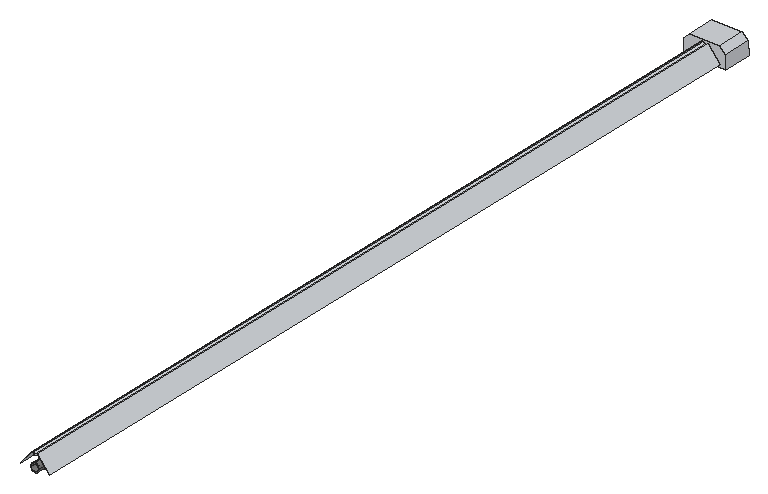
Revit family "V3 Box With 30' Tube Assembly 2", category Mechanical Equipment, Revit 2012
Parameters (values of type "Infra-Red")
  Weight = ""
  Voltage = 0 V
  URL = "www.DetroitRadiant.com"
  Top Clearance = 0' - 0"
  Stage = ""
  Side Clearances = 0' - 0"
  Recommended Mounting Height = ""
  Material = ""
  Manufacturer = "Detroit Radiant Products Company"
  Length = 0' - 0"
  Heat Gain (Low Fire) = 0.0 Btu/h
  Heat Gain (High Fire) = 0.0 Btu/h
  Gas Type = ""
  Frequency = 0 Hz
  Current = 0 A
  Below Clearance = 0' - 0"
  Back Clearance = 0' - 0"
  Apparent Power = 0 VA
Reference planes (in)
  plane 1 "Center (Front/Back)": y = 0
  plane 2: z = 0
  plane 3 "Center (Left/Right)": x = 0
Forms (in)
  Extrusion 1, solid
    sketch origin (0, 0, 0) x (1, 0, 0) y (0, 0, 1)
      loop
        line (-6.375, 8.625) -> (-9, 6) -> (-9, 0) -> (9.5, 0) -> (9.5, 6) -> (6.875, 8.625) -> (-6.375, 8.625)
    from 12 to 0
  Extrusion 2, solid
    sketch origin (0, -12, 0) x (1, 0, 0) y (0, 0, 1)
      loop
        line (-6.25, 1.1425) -> (-6, 1.1425) -> (-1.00787, 7.21737) -> (0.25, 6.625) -> (1.50787, 7.21737) -> (6.5, 1.1425) -> (6.75, 1.1425) -> (1.54, 7.4825) -> (0.25, 6.875) -> (-1.04, 7.4825) -> (-6.25, 1.1425)
    from 365 to 0
Lines and regions (in)
  model lines
    curve 1: line (-9, 0, 0) -> (9.5, 0, 0)
Dimensions and locks (in)
  aligned and locked: plane 2 to level
Nested families (in)
  nested 1: "20' Tube (Black)" at (13.81098, -248, 0) x (0, 1, 0) z (0, 0, 1), type "10' Burner"
  nested 2: "10' Tube" at (13.81098, -132, 0) x (0, 1, 0) z (0, 0, 1), type "10' Burner"
Definition of nested family "20' Tube (Black)"
  Parameters (values of type "10' Burner")
    h = 0.0 Btu/h
    Tube = none
    Reflector = none
    Heating = 50000 VA  # 170607.1 Btu/h
    Hanger = none
  Reference planes (in)
    plane 1 "Center (Front/Back)": y = 0
    plane 2: z = 0
    plane 3 "Center (Left/Right)": x = 0
  Forms (in)
    Extrusion 1, solid, material "Default 3"
      sketch origin (96, 292.12195, 0) x (0, -1, 0) y (0, 0, 1)
        loop
          circle (278.56098, 1.61442) r 2
        loop
          circle (278.56098, 1.61442) r 1.80078
      from 116 to 0
    Extrusion 2, solid, material "Default 3"
      sketch origin (-24, -265, 0) x (0, 1, 0) y (0, 0, 1)
        loop
          circle (278.56098, 1.61442) r 1.60156
        loop
          circle (278.56098, 1.61442) r 1.80078
      from 4 to 0
    Extrusion 3, solid, material "Default 3"
      sketch origin (-20, 292.12195, 0) x (0, -1, 0) y (0, 0, 1)
        loop
          circle (278.56098, 1.61442) r 2
        loop
          circle (278.56098, 1.61442) r 1.80078
      from 105 to 0
    Extrusion 4, solid, material "Default 3"
      sketch origin (-129, -265, 0) x (0, 1, 0) y (0, 0, 1)
        loop
          circle (278.56098, 1.61442) r 1.60156
        loop
          circle (278.56098, 1.61442) r 1.80078
      from 4 to 0
  Lines and regions (in)
    model lines
      curve 1: circle (0, 13.56098, 1.61442) r 1.80078 normal (1, 0, 0)
      curve 2: circle (0, 13.56098, 1.61442) r 1.60156 normal (1, 0, 0)
  Dimensions and locks (in)
    aligned and locked: plane 2 to level
Definition of nested family "10' Tube"
  Parameters (values of type "Tube")
    h = 0.0 Btu/h
    Tube = none
    Reflector = none
    Heating = 50000 VA  # 170607.1 Btu/h
    Hanger = none
  Types (2): name
    10' Burner
    Tube
  Reference planes (in)
    plane 1 "Center (Front/Back)": y = 0
    plane 2: z = 0
    plane 3 "Center (Left/Right)": x = 0
  Forms (in)
    Extrusion 1, solid, material "Default 3"
      sketch origin (120, 292.12195, 0) x (0, -1, 0) y (0, 0, 1)
        loop
          circle (278.56098, 1.61442) r 2
        loop
          circle (278.56098, 1.61442) r 1.80078
      from 140 to 0
    Extrusion 2, solid, material "Default 3"
      sketch origin (-24, -265, 0) x (0, 1, 0) y (0, 0, 1)
        loop
          circle (278.56098, 1.61442) r 1.60156
        loop
          circle (278.56098, 1.61442) r 1.80078
      from 4 to 0
  Lines and regions (in)
    model lines
      curve 1: circle (0, 13.56098, 1.61442) r 1.80078 normal (1, 0, 0)
      curve 2: circle (0, 13.56098, 1.61442) r 1.60156 normal (1, 0, 0)
  Dimensions and locks (in)
    aligned and locked: plane 2 to level
